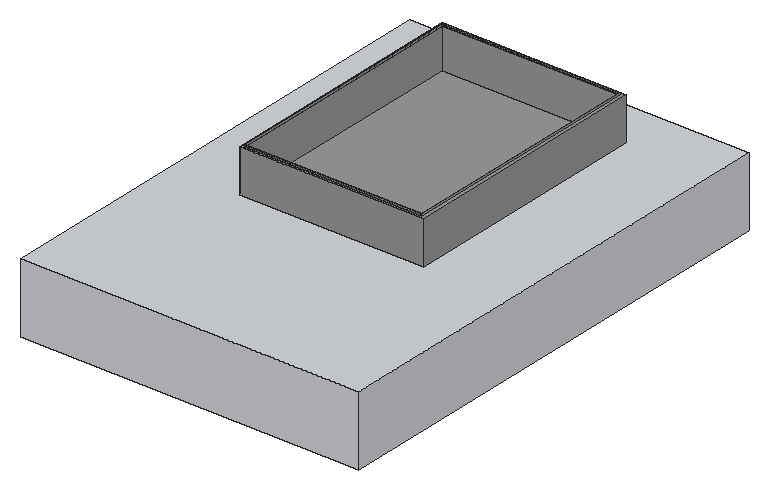
Revit family "Hager-Univers-IP30-D205-H1100-Cl.II-Encl-CH-de", category Equipement électrique, Revit 2020
Family settings
  Hôte = Face
  Configuration du panneau = Deux colonnes, circuits au sein
  Cote de connecteur circulaire = Utiliser le diamètre
  Type d'élément = Tableau de raccordement
  Couper avec des vides une fois chargée = Non
  Partagée = Non
  Point de calcul de pièce = Non
Parameters (values of type "Aufputz IP30 B800 H1100 T205  - FP73Q1S")
  Width Control [instance] = if([EF000008 - Breite] > Min Width, [EF000008 - Breite], Min Width)  # 800 mm
  Commentaires du type = [HG000003 - Bereich]  # "Univers"
  Thickness Door [instance] = if([EF009171 - Materialstärke Tür/Deckel] > 3 mm, 3 mm, [EF009171 - Materialstärke Tür/Deckel])  # 1 mm
  Seal Frame Offset [instance] = 17 mm  # constant formula
  Plinth Visibility [instance] = [HG000027 - Sockelhöhe] > 0 mm  # no
  Model = ""
  Min Width [instance] = 100 mm  # constant formula
  Min Height [instance] = 100 mm  # constant formula
  Min Depth [instance] = (2 * [EF009170 - Materialstärke Gehäuse]) + 1 mm  # 3 mm
  Internal Frame Depth [instance] = (Door System Depth * 0.5)  # 9 mm
  Height Control [instance] = if([EF000040 - Höhe] > Min Height, [EF000040 - Höhe], Min Height)  # 1100 mm
  HG000027 - Sockelhöhe = 0 mm
  HG000026 - Stehend auf dem Boden = no
  HG000024 - Höhe des unteren Teils = 800 mm
  HG000023 - Gehäuse mit doppeltem Querschnitt = no
  HG000016 - 3D-Türsichtbarkeit [instance] = yes
  HG000015 - Sichtbarkeit der Türöffnung [instance] = no
  HG000014 - Tür rechts [instance] = yes
  HG000013 - Tür links [instance] = not([HG000014 - Tür rechts])  # no
  HG000012 - Türschwenkwinkel [instance] = 30.00°
  HG000010 - Asymmetrische Türen = no
  HG000009 - Doppelflügeligen Tür = no
  HG000006 - Unterputz = no
  HG000004 - Herstellerreferenz = "FP73Q1S"
  HG000003 - Bereich = "Univers"
  HG000002 - Mit tür = no
  Frame Offset Bottom [instance] = 10 mm  # constant formula
  Frame Offset [instance] = 15 mm  # constant formula
  EF015940 - Deckel mit Überdruckentlastung = no
  EF011959 - Schutzart (NEMA) = ""
  EF009554 - Anzahl der Öffnungen für Flanschplatten = 6
  Fabricant = "Hager"  # constant formula
  EF009212 - Ausführung Deckel = "EV009916 - mit Ausschnitt"
  EF009171 - Materialstärke Tür/Deckel = 1 mm
  EF009170 - Materialstärke Gehäuse = 1 mm
  EF008873 - Nennstrom (In) = 250 A
  EF007800 - Geeignet für Blitzschutz = no
  EF006306 - Mit Schloss = no
  EF006244 - Transparenter Deckel/Tür = no
  EF005474 - Schutzart (IP) = "EV006410 - IP30"
  EF004464 - Art der Tür = "EV000494 - ohne"
  EF004427 - Anzahl der Module = 252
  EF004293 - Schlagfestigkeit = "EV006813 - IK07"
  EF003532 - Geeignet für Außengebrauch = no
  EF002950 - Breite in Teilungseinheiten = 36
  EF001613 - Funktionserhalt = "EV000494 - ohne"
  EF001596 - Werkstoff des Gehäuses = "EV000179 - Stahl"
  EF001131 - Innentiefe = 130 mm
  EF001088 - Anbaumöglichkeit = yes
  EF000437 - Anzahl der Leitungseinführungen = 6
  EF000339 - Art der Abdeckung = "EV000494 - ohne"
  EF000266 - Anzahl der Reihen = 7
  EF000218 - Einbautiefe = 0 mm
  EF000118 - Mit Montageplatte = no
  EF000116 - RAL-Nummer = "9010"
  EF000049 - Tiefe = 205 mm
  EF000040 - Höhe = 1100 mm
  EF000008 - Breite = 800 mm
  EF000007 - Farbe = "EV000202 - weiß"
  EF000003 - Montageart = "EV000384 - Aufputz"
  Door System Leaf Tolerance [instance] = 1.5 mm  # constant formula
  Door System Depth [instance] = 18 mm  # constant formula
  Door Height [instance] = Height Control - [HG000027 - Sockelhöhe]  # 1100 mm
  Depth Control [instance] = if([EF000049 - Tiefe] > Min Depth, [EF000049 - Tiefe], Min Depth)  # 205 mm
  Default Elevation = 0 mm
  Connector Offset [instance] = Height Control / 2  # 550 mm
  Bottom Top Plate Trim [instance] = 1.5 mm  # constant formula
  Plinth height Ctrl [instance] = if([HG000027 - Sockelhöhe] > 0 mm, [HG000027 - Sockelhöhe], 12 mm)  # 12 mm
Types (5, lengths in mm): name | Width Control | HG000004 - Herstellerreferenz | EF009554 - Anzahl der Öffnungen für Flanschplatten | EF004427 - Anzahl der Module | EF002950 - Breite in Teilungseinheiten | EF000437 - Anzahl der Leitungseinführungen | EF000008 - Breite
  Aufputz IP30 B1050 H1100 T205  - FP74Q1S | 1050 | "FP74Q1S" | 8 | 336 | 48 | 8 | 1050
  Aufputz IP30 B1300 H1100 T205  - FP75Q1S | 1300 | "FP75Q1S" | 10 | 420 | 60 | 10 | 1300
  Aufputz IP30 B300 H1100 T205  - FP71Q1S | 300 | "FP71Q1S" | 2 | 84 | 12 | 2 | 300
  Aufputz IP30 B550 H1100 T205  - FP72Q1S | 550 | "FP72Q1S" | 4 | 168 | 24 | 4 | 550
  Aufputz IP30 B800 H1100 T205  - FP73Q1S | 800 | "FP73Q1S" | 6 | 252 | 36 | 6 | 800
Reference planes
  plane 1 "Center (Front/Back)": y = 0
  plane 2: z = 0
  plane 3 "Center (Left/Right)": x = 0
  plane 4: z = 205
  plane 5: y = 1
  plane 6: y = 550
  plane 7: y = 0
  plane 8: y = 1100
  plane 9: z = 0
  plane 10: x = -385
  plane 11: x = 385
  plane 12: x = 384
  plane 13: x = -384
  plane 14: y = 1099
  plane 15: x = -383
  plane 16: x = -400
  plane 17: x = 383
  plane 18: x = 400
  plane 19: x = 399
  plane 20: x = -399
  plane 21: y = 11
  plane 22: y = 1100
  plane 23: y = 1084
  plane 24: z = 187
  plane 25: z = 1
  plane 26: z = 186
  plane 27: z = 204
Forms (mm)
  Extrusion 1, solid
    sketch origin (0, 0, 0) x (1, 0, 0) y (0, 1, 0)
      loop
        line (-702.964, 1305) -> (-702.964, -811.445) -> (766.763, -811.445) -> (766.763, 1305) -> (-702.964, 1305)
    from 0 to -304.8
  Extrusion 2, solid, material "Hager_Steel_RAL7035_Light_Grey", visible <- "Plinth Visibility", detail levels medium+fine
    sketch origin (0, 0, 0) x (1, 0, 0) y (0, 1, 0)
      loop
        line (-400, 0) -> (400, 0) -> (400, 12) -> (-400, 12) -> (-400, 0)
    from 0 to 187
  Extrusion 3, solid, material "Hager_Steel_RAL7035_Light_Grey", detail levels medium+fine
    sketch origin (0, 0, 0) x (1, 0, 0) y (0, 1, 0)
      loop
        line (-400, 0) -> (400, 0) -> (400, 1100) -> (-400, 1100) -> (-400, 0)
    from 0 to 187
  Extrusion 4, void
    sketch origin (0, 0, 0) x (1, 0, 0) y (0, 1, 0)
      loop
        line (-399, 1) -> (399, 1) -> (399, 1099) -> (-399, 1099) -> (-399, 1)
    from 1 to 186
  Extrusion 5, void
    sketch origin (-381.607, -4572, 187) x (0, -1, 0) y (-1, 0, 0)
      loop
        line (-4583, 2.393) -> (-5656, 2.393) -> (-5656, -765.607) -> (-4583, -765.607) -> (-4583, 2.393)
    from 0 to 1 <- "EF009170 - Materialstärke Gehäuse"
  Extrusion 6, solid, material "Hager_Steel_RAL7035_Light_Grey", detail levels fine
    sketch origin (0, 0, 187) x (1, 0, 0) y (0, 1, 0)
      loop
        line (-384, 1084) -> (-384, 11) -> (384, 11) -> (384, 1084) -> (-384, 1084)
      loop
        line (-385, 10) -> (385, 10) -> (385, 1085) -> (-385, 1085) -> (-385, 10)
    from 0 to 9 <- "Internal Frame Depth"
  Extrusion 7, solid, material "Hager_Steel_RAL7035_Light_Grey", detail levels coarse
    sketch origin (0, 0, 0) x (1, 0, 0) y (0, 1, 0)
      loop
        line (-400, 0) -> (400, 0) -> (400, 1100) -> (-400, 1100) -> (-400, 0)
    from 0 to 205
  Sweep 8, void
    path in 3D
      loop
        line (-400, 12, 0) -> (400, 12, 0) -> (400, 12, 187) -> (-400, 12, 187) -> (-400, 12, 0)
    profile origin (-400, 12, 93.5) x (-1, 0, 0) y (0, -1, 0)
      loop
        line (0, 0) -> (0, 1.5) -> (-1.5, 1.5)
        arc (-1.5, 1.5) -> (-1.061, 0.439) -> (0, 0) r 1.5
Cuts and joins
  Extrusion 4, Extrusion 5 cuts Extrusion 3
  Sweep 8 cuts Extrusion 2
Lines and regions (mm)
  Masking region 1
    outline origin (0, 0, 0) x (1, 0, 0) y (0, 0, 1)
      loop
        line (-400, 205) -> (-400, 0) -> (400, 0) -> (400, 205) -> (-400, 205)
  Masking region 2, detail levels medium+fine
    outline origin (0, 140, 0) x (0, 1, 0) y (0, 0, 1)
      loop
        line (-140, 0) -> (960, 0) -> (960, 187) -> (-140, 187) -> (-140, 0)
  Masking region 3, not visible, detail levels medium+fine
    outline origin (0, 297.922, 0) x (0, 1, 0) y (0, 0, 1)
      loop
        line (263.578, 0) -> (303.578, 0) -> (303.578, 194)
        arc (303.578, 194) -> (300.649, 201.071) -> (293.578, 204) r 10
        line (293.578, 204) -> (263.578, 204) -> (263.578, 0)
  Masking region 4, detail levels coarse
    outline origin (0, 0, 180) x (0, 1, 0) y (0, 0, 1)
      loop
        line (0, -180) -> (1100, -180) -> (1100, 25) -> (0, 25) -> (0, -180)
  Masking region 5, visible <- "Plinth Visibility", detail levels medium+fine
    outline origin (0, 52.24, 12.345) x (0, 0, -1) y (0, 1, 0)
      loop
        line (10.845, -40.24) -> (-173.155, -40.24)
        arc (-173.155, -40.24) -> (-173.594, -41.301) -> (-174.655, -41.74) r 1.5
        line (-174.655, -41.74) -> (-174.655, -52.24) -> (12.345, -52.24) -> (12.345, -41.74)
        arc (12.345, -41.74) -> (11.285, -41.301) -> (10.845, -40.24) r 1.5
  Masking region 6, detail levels medium+fine
    outline origin (-381.607, -4572, 187) x (-1, 0, 0) y (0, -1, 0)
      loop
        line (18.393, -5672) -> (18.393, -4572) -> (-781.607, -4572) -> (-781.607, -5672) -> (18.393, -5672)
  Masking region 7, visible <- "Plinth Visibility", detail levels medium+fine
    outline origin (-381.607, -4727, 187) x (-1, 0, 0) y (0, -1, 0)
      loop
        arc (16.893, -4739) -> (17.332, -4737.939) -> (18.393, -4737.5) r 1.5
        line (18.393, -4737.5) -> (18.393, -4727) -> (-781.607, -4727) -> (-781.607, -4737.5)
        arc (-781.607, -4737.5) -> (-780.546, -4737.939) -> (-780.107, -4739) r 1.5
        line (-780.107, -4739) -> (16.893, -4739)
  Masking region 8, detail levels coarse
    outline origin (-442.548, -4669.526, 187) x (-1, 0, 0) y (0, -1, 0)
      loop
        line (-42.548, -5769.526) -> (-42.548, -4669.526) -> (-842.548, -4669.526) -> (-842.548, -5769.526) -> (-42.548, -5769.526)
  sketch lines
    curve 1: line (-400, 12, 187) -> (-400, 12, 0)
    curve 2: line (400, 12, 187) -> (-400, 12, 187)
    curve 3: line (400, 12, 187) -> (400, 12, 0)
    curve 4: line (-400, 12, 0) -> (400, 12, 0)
Dimensions and locks
  "Depth Control": plane 4 to Extrusion 1
  "HG000027 - Sockelhöhe": plane 1 "Center (Front/Back)" to plane 7
  "EF009170 - Materialstärke Gehäuse": plane 5 to plane 7
  locked: connector elem to plane 3 "Center (Left/Right)"
  equal spacing: plane 8, plane 6, plane 7
  locked: connector elem to plane 6
  "EF009170 - Materialstärke Gehäuse": plane 8 to plane 14
  "EF009170 - Materialstärke Gehäuse": plane 10 to plane 13
  "EF009170 - Materialstärke Gehäuse": plane 12 to plane 11
  "Frame Offset": plane 20 to plane 13
  "Frame Offset": plane 12 to plane 19
  "EF009170 - Materialstärke Gehäuse": plane 16 to plane 20
  "EF009170 - Materialstärke Gehäuse": plane 19 to plane 18
  "Seal Frame Offset": plane 16 to plane 15
  "Seal Frame Offset": plane 17 to plane 18
  "Frame Offset Bottom": plane 21 to plane 5
  "Frame Offset": plane 14 to plane 23
  equal spacing: plane 16, plane 3 "Center (Left/Right)", plane 18
  "Width Control": plane 16 to plane 18
  "EF009170 - Materialstärke Gehäuse": plane 4 to plane 27
  "EF009170 - Materialstärke Gehäuse": plane 24 to plane 26
  "EF009170 - Materialstärke Gehäuse": plane 25 to level
  "Door System Depth": plane 4 to plane 24
  "Height Control": plane 1 "Center (Front/Back)" to Extrusion 7 sketch curve
  "Height Control": Masking region 4 sketch curve to plane 1 "Center (Front/Back)"
  "Height Control": plane 1 "Center (Front/Back)" to plane 22
  "Bottom Top Plate Trim": profile plane to Sweep 8 sketch curve
  "Bottom Top Plate Trim": Sweep 8 sketch curve to profile plane
  "Plinth height Ctrl": plane 1 "Center (Front/Back)" to Extrusion 2 sketch curve
  "Plinth height Ctrl": Masking region 5 sketch curve to plane 1 "Center (Front/Back)"
  "Plinth height Ctrl": plane 1 "Center (Front/Back)" to Masking region 7 sketch curve
  "Thickness Door": Extrusion 6 sketch curve to Extrusion 6 sketch curve  (x3)
  "Thickness Door": cut or joined group of Extrusion 3, Extrusion 4, Extrusion 5 to Extrusion 6 sketch curve
  radius of Masking region 3 sketch curve = 10 mm
  "Bottom Top Plate Trim": radius of Masking region 5 sketch curve  (x2)
  "Bottom Top Plate Trim": radius of Sweep 8 sketch curve
  "Bottom Top Plate Trim": radius of Masking region 7 sketch curve  (x2)
  aligned and locked: plane 2 to Extrusion 1
  aligned and locked: level to Extrusion 1
  aligned and locked: level to Masking region 1 sketch curve
  aligned and locked: Masking region 1 sketch curve to plane 18
  aligned and locked: Masking region 1 sketch curve to plane 16
  aligned and locked: plane 7 to Masking region 2 sketch curve
  aligned and locked: level to Masking region 3 sketch curve
  aligned and locked: Masking region 3 sketch curve to plane 27
  aligned and locked: level to Masking region 2 sketch curve
  aligned and locked: plane 1 "Center (Front/Back)" to Extrusion 2 sketch curve
  aligned and locked: Extrusion 3 sketch curve to plane 7
  aligned and locked: plane 16 to Extrusion 3 sketch curve
  aligned and locked: plane 18 to Extrusion 3 sketch curve
  aligned and locked: plane 20 to Extrusion 4 sketch curve
  aligned and locked: plane 19 to Extrusion 4 sketch curve
  aligned and locked: Extrusion 4 sketch curve to plane 5
  aligned and locked: Extrusion 4 to plane 25
  aligned and locked: plane 26 to Extrusion 4
  aligned and locked: plane 24 to Extrusion 3
  aligned and locked: Extrusion 5 sketch curve to plane 21
  aligned and locked: Extrusion 5 sketch curve to plane 13
  aligned and locked: Extrusion 5 sketch curve to plane 12
  aligned and locked: plane 18 to Extrusion 7 sketch curve
  aligned and locked: plane 1 "Center (Front/Back)" to Extrusion 7 sketch curve
  aligned and locked: plane 16 to Extrusion 7 sketch curve
  aligned and locked: plane 4 to Extrusion 7
  aligned and locked: Extrusion 7 to level
  aligned and locked: level to Masking region 4 sketch curve
  aligned and locked: Masking region 4 sketch curve to plane 1 "Center (Front/Back)"
  aligned and locked: Masking region 4 sketch curve to plane 4
  aligned and locked: nested 1 to level
  aligned and locked: nested 1 to plane 16
  aligned and locked: plane 8 to Extrusion 3 sketch curve
  aligned and locked: plane 23 to Extrusion 5 sketch curve
  aligned and locked: plane 14 to Extrusion 4 sketch curve
  aligned and locked: Masking region 2 sketch curve to plane 8
  aligned and locked: level to Masking region 5 sketch curve
  aligned and locked: plane 16 to Extrusion 2 sketch curve
  aligned and locked: plane 18 to Extrusion 2 sketch curve
  aligned and locked: Masking region 5 sketch curve to plane 24
  aligned and locked: Masking region 2 sketch curve to plane 24
  aligned and locked: plane 24 to Extrusion 2
  aligned and locked: profile plane to Sweep 8 sketch curve  (x2)
  aligned and locked: Masking region 6 sketch curve to plane 18
  aligned and locked: Masking region 6 sketch curve to plane 22
  aligned and locked: Masking region 6 sketch curve to plane 16
  aligned and locked: plane 8 to plane 22
  aligned and locked: Masking region 6 sketch curve to plane 7
  aligned and locked: Masking region 7 sketch curve to plane 16
  aligned and locked: Masking region 7 sketch curve to plane 1 "Center (Front/Back)"
  aligned and locked: Masking region 7 sketch curve to plane 18
  aligned and locked: Masking region 8 sketch curve to plane 1 "Center (Front/Back)"
  aligned and locked: Masking region 8 sketch curve to plane 18
  aligned and locked: Masking region 8 sketch curve to plane 22
  aligned and locked: Masking region 8 sketch curve to plane 16
  aligned and locked: nested 2 to plane 7
  aligned and locked: plane 3 "Center (Left/Right)" to nested 2
  aligned and locked: nested 2 to plane 24
  aligned and locked: Extrusion 6 sketch curve to cut or joined group of Extrusion 3, Extrusion 4, Extrusion 5  (x4)
Automatic sketch dimensions
  Extrusion 1 sketch curve to Extrusion 1 sketch curve = 1469.727 mm
  Extrusion 1 sketch curve to Extrusion 1 sketch curve = 2116.445 mm
  Masking region 1 sketch curve to plane 4 = 0 mm
  plane 6 to Masking region 3 sketch curve = 11.5 mm
  Masking region 3 sketch curve to Masking region 3 sketch curve = 30 mm
  Masking region 5 sketch curve to plane 1 "Center (Front/Back)" = 0 mm
Nested families
  nested 1: "Hager_Enclosure_Symbol" at (-400, 0, 0) x (1, 0, 0) z (0, -1, 0), Height <- "Depth Control", Width <- "Width Control", type "Hager_Enclosure_Symbol"
    with Width_Ctrl 800 mm, Width 800 mm, Height_Ctrl 205 mm, Height 205 mm, A_Width_Int 13.453 mm, A_Width 161.438 mm, A_Height_Ctrl 179.375 mm, A_Height 179.375 mm
  nested 2: "EC000058_Univers_Door" at (0, 0, 187) x (1, 0, 0) z (0, 1, 0), Leaf_Tolerance <- "Door System Leaf Tolerance", Angle <- "HG000012 - Türschwenkwinkel", Door_Depth <- "Door System Depth", Door_Left <- "HG000013 - Tür links", Transparent <- "EF006244 - Transparenter Deckel/Tür", Assymetrical <- "HG000010 - Asymmetrische Türen", Width <- "Width Control", Clearance <- "HG000015 - Sichtbarkeit der Türöffnung", Double <- "HG000009 - Doppelflügeligen Tür", 3d_Door <- "HG000016 - 3D-Türsichtbarkeit", Lock_Visibility <- "EF006306 - Mit Schloss", Width_Ctrl <- "Width Control", Door_Right <- "HG000014 - Tür rechts", Door <- "HG000002 - Mit tür", Height <- "Door Height", Thickness <- "Thickness Door", type "EC000058_Univers_Door", detail levels medium+fine
    with min_wh 3 mm, Width_Ctrl 800 mm, Width 800 mm, Transparent no, Thickness 1 mm, Seal_Material Hager_Rubber, Lock_Visibility no, Lock_Material Hager_Plastic_RAL9005_Jet_Black, Leaf_Width 800 mm, Leaf_Tolerance_External_Sides 0 mm, Leaf_Tolerance 1.5 mm, Leaf_Offset 0 mm, Leaf_Height 1097 mm, Leaf_2_Width 800 mm, Leaf_2_Offset 400 mm, Leaf_1_Width 800 mm, Leaf_1_Offset 400 mm, Height_Ctrl 1100 mm, Height 1100 mm, Glass_Material Hager_Glass, Double_Clearance_Ctrl no, Double no, Door_Right_Ctrl no, Door_Right yes, Door_Material Hager_Steel_RAL7035_Light_Grey, Door_Left_Ctrl no, Door_Left no, Door_Depth 18 mm, Door no, Clearance_Material Hager_Clearance, Clearance_Depth 800 mm, Clearance_Ctrl no, Clearance no, Assymetrical no, Angle 30.00°, 3d_Door yes
Connectors
  electrical at (0, 550, 0)
    settings: on plane 9, index 1, voltage 0 V, apparent load 0 VA, apparent load phase1 0 VA, apparent load phase2 0 VA, apparent load phase3 0 VA, power factor 1, load classification "Other", number of poles 1, system type 30, power factor state 1, is connector primary yes, connector utility no, sub classification motor no, connector description ""
Definition of nested family "Hager_Enclosure_Symbol"
  Parameters (values of type "Hager_Enclosure_Symbol")
    Width_Ctrl [instance] = if(Width > 1 mm, Width, 1 mm)  # 102.27 mm
    Width [instance] = 102.27 mm
    Height_Ctrl [instance] = if(Height > 1 mm, Height, 1 mm)  # 66.5 mm
    A_Width_Int [instance] = if(A_Width / 12 > 2 mm, A_Width / 12, 2 mm)  # 4.364 mm
    A_Width [instance] = if(A_Height_Ctrl * 0.9 > 2 mm, A_Height_Ctrl * 0.9, 2 mm)  # 52.369 mm
    A_Height_Ctrl [instance] = if(A_Height > 2 mm, A_Height, 2 mm)  # 58.188 mm
    Height [instance] = 66.5 mm
    A_Height [instance] = Height - (Height / 8)  # 58.188 mm
  Reference planes
    plane 1 "Centre (avant/arrière)": y = 0
    plane 2: z = 0
    plane 3 "Centre (gauche/droite)": x = 0
    plane 4: x = 52.369
    plane 5: y = 33.042
    plane 6: y = 41.77
    plane 7: y = 66.5
    plane 8: x = 26.184
    plane 9: y = 37.406
    plane 10: x = 102.27
    plane 11: y = 66.5
    plane 12: y = 8.313
  Lines and regions (mm)
    Filled region 1, type "Solid_Black", in view "Niveau de réf."
      outline origin (0, 0, 0) x (1, 0, 0) y (0, 1, 0)
        loop
          line (52.369, 66.5) -> (33.188, 54.536) -> (45.365, 45.006) -> (52.369, 66.5)
    Filled region 2, type "Solid_Black", in view "Niveau de réf."
      outline origin (0, 0, 0) x (1, 0, 0) y (0, 1, 0)
        loop
          line (0, 0) -> (102.27, 0) -> (102.27, 66.5) -> (0, 0)
    detail lines, in view "Niveau de réf."
      curve 1: line (0, 8.313, 0) -> (26.184, 41.77, 0)
      curve 2: line (26.184, 41.77, 0) -> (26.184, 33.042, 0)
      curve 3: line (26.184, 33.042, 0) -> (52.369, 66.5, 0)
  Dimensions and locks
    "A_Width": plane 3 "Centre (gauche/droite)" to plane 4
    equal spacing: plane 3 "Centre (gauche/droite)", plane 8, plane 4
    equal spacing: plane 6, plane 9, plane 5
    equal spacing: curve 3, Filled region 1 sketch curve, Filled region 1 sketch curve
    "Height_Ctrl": plane 1 "Centre (avant/arrière)" to plane 11
    "A_Height_Ctrl": plane 11 to plane 12
    equal spacing: plane 11, plane 9, plane 12
    "A_Width_Int": plane 6 to plane 9
    "Width_Ctrl": plane 3 "Centre (gauche/droite)" to plane 10
    angle Filled region 1 sketch curve to curve 3 = 20.00°
    angle curve 3 to Filled region 1 sketch curve = 20.00°
    locked: curve 3 to Filled region 1 sketch curve (angle 90.00°)
    aligned and locked: plane 10 to Filled region 2
    aligned and locked: plane 11 to Filled region 2 sketch curve
    aligned and locked: plane 10 to Filled region 2 sketch curve
    aligned and locked: plane 3 "Centre (gauche/droite)" to curve 1
    aligned and locked: plane 12 to curve 1
    aligned and locked: plane 7 to plane 11
  Automatic sketch dimensions
    Filled region 1 sketch curve to plane 4 = 0 mm
    Filled region 1 sketch curve to plane 7 = 0 mm
    plane 1 "Centre (avant/arrière)" to Filled region 2 sketch curve = 0 mm
    Filled region 2 sketch curve to plane 3 "Centre (gauche/droite)" = 0 mm
    curve 2 to plane 6 = 0 mm
    curve 2 to plane 8 = 0 mm
    curve 3 to plane 4 = 0 mm
    curve 2 to plane 5 = 0 mm
    curve 3 to plane 7 = 0 mm
Definition of nested family "EC000058_Univers_Door"
  Parameters (values of type "EC000058_Univers_Door")
    min_wh [instance] = (2 * Thickness) + 1 mm  # 11 mm
    Width_Ctrl [instance] = 400 mm
    Width [instance] = 500 mm
    Transparent [instance] = yes
    Thickness [instance] = 5 mm
    Seal_Material [instance] = none
    Lock_Visibility [instance] = yes
    Lock_Material [instance] = none
    Leaf_Width [instance] = if((Width_Ctrl - 2 * Leaf_Tolerance_External_Sides) > 0 mm, (Width_Ctrl - 2 * Leaf_Tolerance_External_Sides), min_wh)  # 400 mm
    Leaf_Tolerance_External_Sides [instance] = 0 mm  # constant formula
    Leaf_Tolerance [instance] = 1.5 mm
    Leaf_Offset [instance] = 0 mm  # constant formula
    Leaf_Height [instance] = if((Height_Ctrl - 2 * Leaf_Tolerance) > 0 mm, (Height_Ctrl - 2 * Leaf_Tolerance), min_wh)  # 497 mm
    Leaf_2_Width [instance] = if(and(and(Double, Assymetrical), Door_Left), (Leaf_Width / 3) - (Leaf_Tolerance / 2), if(and(and(Double, Assymetrical), Door_Right), (Leaf_Width / 3) * 2 - (Leaf_Tolerance / 2), if(and(Double, not(Assymetrical)), (Leaf_Width / 2) - Leaf_Tolerance, Leaf_Width)))  # 400 mm
    Leaf_2_Offset [instance] = if(and(Double, Assymetrical), Leaf_2_Width / 2, if(and(Double, not(Assymetrical)), Leaf_Width / 4, Leaf_Width / 2))  # 200 mm
    Leaf_1_Width [instance] = if(and(and(Double, Assymetrical), Door_Right), (Leaf_Width / 3) - (Leaf_Tolerance / 2), if(and(and(Double, Assymetrical), Door_Left), (Width / 3) * 2 - (Leaf_Tolerance / 2), if(and(Double, not(Assymetrical)), (Leaf_Width / 2) - Leaf_Tolerance, Leaf_Width)))  # 400 mm
    Leaf_1_Offset [instance] = if(and(Double, Assymetrical), Leaf_1_Width / 2, if(and(Double, not(Assymetrical)), Leaf_Width / 4, Leaf_Width / 2))  # 200 mm
    Height_Ctrl [instance] = if(Height > min_wh, Height, min_wh)  # 500 mm
    Height [instance] = 500 mm
    Glass_Material [instance] = none
    Double_Clearance_Ctrl [instance] = and(Double, Clearance)  # no
    Double [instance] = no
    Door_Right_Ctrl [instance] = and(or(Door_Right, Double), Door)  # yes
    Door_Right [instance] = yes
    Door_Material [instance] = none
    Door_Left_Ctrl [instance] = and(or(Door_Left, Double), Door)  # no
    Door_Left [instance] = no
    Door_Depth [instance] = 30 mm
    Door [instance] = yes
    Default Elevation = 1219.2 mm
    Clearance_Material [instance] = none
    Clearance_Depth [instance] = if(Leaf_1_Width > Leaf_2_Width, Leaf_1_Width, Leaf_2_Width)  # 400 mm
    Clearance_Ctrl [instance] = and(not(Double), Clearance)  # yes
    Clearance [instance] = yes
    Assymetrical [instance] = yes
    Angle [instance] = 30.00°
    3d_Door [instance] = yes
  Reference planes
    plane 1 "Center (Front/Back)": y = 0
    plane 2 "Bottom": z = 0
    plane 3 "Center (Left/Right)": x = 0
    plane 4: z = 500
    plane 5: x = -200
    plane 6: x = 200
    plane 7: z = 500
    plane 8: x = -200
    plane 9: z = 0
    plane 10: x = 200
    plane 11: y = 0
    plane 12: z = 1.5
    plane 13: x = -600
    plane 14: y = -400
    plane 15: x = 600
    plane 16: x = 0
    plane 17: x = 0
    plane 18: x = -200
    plane 19: x = 200
    plane 20: z = 498.5
  Forms (mm)
    Extrusion 1, solid, material <- "Clearance_Material", visible <- "Double_Clearance_Ctrl"
      sketch origin (1200, 0, 0) x (1, 0, 0) y (0, 0, -1)
        loop
          line (-1800, -498.5) -> (-600, -498.5) -> (-600, 0) -> (-1800, 0) -> (-1800, -498.5)
      from 0 to -400
  Dimensions and locks
    equal spacing: plane 5, plane 3 "Center (Left/Right)", plane 6
    "Width_Ctrl": plane 5 to plane 6
    "Leaf_Offset": plane 5 to plane 8
    "Leaf_Offset": plane 6 to plane 10
    "Leaf_Offset": plane 9 to level
    "Leaf_Offset": plane 4 to plane 7
    "Height_Ctrl": plane 4 to level
    "Leaf_Tolerance": plane 12 to plane 9
    locked: plane 11 to plane 1 "Center (Front/Back)"
    "Leaf_1_Offset": plane 18 to plane 16
    "Leaf_2_Offset": plane 17 to plane 19
    "Leaf_1_Width": plane 13 to plane 8
    "Leaf_2_Width": plane 10 to plane 15
    "Clearance_Depth": plane 14 to plane 1 "Center (Front/Back)"
    "Leaf_Tolerance_External_Sides": plane 8 to plane 18
    "Leaf_Tolerance_External_Sides": plane 19 to plane 10
    "Leaf_Tolerance": plane 7 to plane 20
    aligned and locked: level to plane 2 "Bottom"
    aligned and locked: nested 1 to plane 16
    aligned and locked: nested 2 to plane 17
    aligned and locked: Extrusion 1 to plane 13
    aligned and locked: plane 15 to Extrusion 1
    aligned and locked: Extrusion 1 to plane 14
    aligned and locked: plane 12 to nested 1
    aligned and locked: nested 2 to plane 12
    aligned and locked: Extrusion 1 to plane 11
    aligned and locked: plane 20 to Extrusion 1
    aligned and locked: nested 2 to plane 11
    aligned and locked: nested 1 to plane 11
  Automatic sketch dimensions
    Extrusion 1 sketch curve to level = 0 mm
    plane 5 to Extrusion 1 sketch curve = 400 mm
    plane 6 to Extrusion 1 sketch curve = 400 mm
    Extrusion 1 sketch curve to plane 4 = 1.5 mm
  Nested families
    nested 1: "EC000058_Univers_Door_Leaf" at (0, 0, 1.5), Width <- "Leaf_1_Width", visible <- "Door_Left_Ctrl", Leaf_Height <- "Leaf_Height", Angle <- "Angle", 3d_Door <- "3d_Door", Transparent <- "Transparent", Clearance Material <- "Clearance_Material", Clearance <- "Clearance_Ctrl", Door_Material <- "Door_Material", Glass_Material <- "Glass_Material", Door_Depth <- "Door_Depth", Lock_Material <- "Lock_Material", Seal_Material <- "Seal_Material", Lock_Visibility <- "Lock_Visibility", Thickness <- "Thickness", type "EC000058_Univers_Door_Leaf"
      with Width 400 mm, Transparent_Glass_Offset 30 mm, Transparent_Ctrl yes, Transparent yes, Thickness 5 mm, Standard no, Seal_Material none, Seal_D2 8 mm, Seal_D1 1 mm, Offset_Internal_Frame 10 mm, Lock_Width 20 mm, Lock_Visibility_3d yes, Lock_Visibility yes, Lock_Thickness_3 3 mm, Lock_Thickness_2 1 mm, Lock_Thickness_1 3 mm, Lock_Radius_Offset_2 16 mm, Lock_Radius_Offset_1 15 mm, Lock_Radius_2 5 mm, Lock_Radius 6 mm, Lock_Offset 5 mm, Lock_Material none, Lock_Height 80 mm, Lock_Cover_Top_Offset_2d 17 mm, Lock_Cover_Height -65 mm, Leaf_Height 497 mm, Internal_Seal_Thickness 8 mm, Internal_Seal_Depth_2 4.5 mm, Internal_Frame_Depth 25 mm, Glass_Thickness -1 mm, Glass_Offset -2 mm, Glass_Material none, Door_Material none, Door_Depth 30 mm, Clearance Material none, Clearance yes, Angle_Ctrl 30.00°, Angle 30.00°, 3d_Door yes
    nested 2: "EC000058_Univers_Door_Leaf" at (0, 0, 1.5) x (-1, 0, 0) z (0, 0, 1), Width <- "Leaf_2_Width", visible <- "Door_Right_Ctrl", Leaf_Height <- "Leaf_Height", Angle <- "Angle", 3d_Door <- "3d_Door", Transparent <- "Transparent", Clearance Material <- "Clearance_Material", Clearance <- "Clearance_Ctrl", Door_Material <- "Door_Material", Glass_Material <- "Glass_Material", Door_Depth <- "Door_Depth", Lock_Material <- "Lock_Material", Seal_Material <- "Seal_Material", Lock_Visibility <- "Lock_Visibility", Thickness <- "Thickness", type "EC000058_Univers_Door_Leaf"
      with Width 400 mm, Transparent_Glass_Offset 30 mm, Transparent_Ctrl yes, Transparent yes, Thickness 5 mm, Standard no, Seal_Material none, Seal_D2 8 mm, Seal_D1 1 mm, Offset_Internal_Frame 10 mm, Lock_Width 20 mm, Lock_Visibility_3d yes, Lock_Visibility yes, Lock_Thickness_3 3 mm, Lock_Thickness_2 1 mm, Lock_Thickness_1 3 mm, Lock_Radius_Offset_2 16 mm, Lock_Radius_Offset_1 15 mm, Lock_Radius_2 5 mm, Lock_Radius 6 mm, Lock_Offset 5 mm, Lock_Material none, Lock_Height 80 mm, Lock_Cover_Top_Offset_2d 17 mm, Lock_Cover_Height -65 mm, Leaf_Height 497 mm, Internal_Seal_Thickness 8 mm, Internal_Seal_Depth_2 4.5 mm, Internal_Frame_Depth 25 mm, Glass_Thickness -1 mm, Glass_Offset -2 mm, Glass_Material none, Door_Material none, Door_Depth 30 mm, Clearance Material none, Clearance yes, Angle_Ctrl 30.00°, Angle 30.00°, 3d_Door yes
  Definition of nested family "EC000058_Univers_Door_Leaf"
    Parameters (values of type "EC000058_Univers_Door_Leaf")
      Width [instance] = 2000 mm
      Transparent_Glass_Offset [instance] = 30 mm
      Transparent_Ctrl [instance] = and(Transparent, [3d_Door])  # yes
      Transparent [instance] = yes
      Thickness [instance] = 5 mm
      Standard [instance] = and(not(Transparent), [3d_Door])  # no
      Seal_Material [instance] = none
      Seal_D2 [instance] = 8 mm  # constant formula
      Seal_D1 [instance] = 1 mm  # constant formula
      Offset_Internal_Frame [instance] = 10 mm  # constant formula
      Lock_Width [instance] = 20 mm  # constant formula
      Lock_Visibility_3d [instance] = and(Lock_Visibility, [3d_Door])  # yes
      Lock_Visibility [instance] = yes
      Lock_Thickness_3 [instance] = 3 mm  # constant formula
      Lock_Thickness_2 [instance] = 1 mm  # constant formula
      Lock_Thickness_1 [instance] = 3 mm  # constant formula
      Lock_Radius_Offset_2 [instance] = Lock_Radius_Offset_1 + 1 mm  # 16 mm
      Lock_Radius_Offset_1 [instance] = 15 mm  # constant formula
      Lock_Radius_2 [instance] = Lock_Radius - 1 mm  # 5 mm
      Lock_Radius [instance] = 6 mm  # constant formula
      Lock_Offset [instance] = 5 mm  # constant formula
      Lock_Material [instance] = none
      Lock_Height [instance] = 80 mm  # constant formula
      Lock_Cover_Top_Offset_2d [instance] = Lock_Radius_Offset_2 + 1 mm  # 17 mm
      Lock_Cover_Height [instance] = -(Lock_Height - Lock_Radius_Offset_1)  # -65 mm
      Leaf_Height [instance] = 2720.336 mm
      Internal_Seal_Thickness [instance] = 8 mm  # constant formula
      Internal_Seal_Depth_2 [instance] = 4.5 mm  # constant formula
      Internal_Frame_Depth [instance] = if(Door_Depth - Thickness > 5 mm, Door_Depth - Thickness, 5 mm)  # 25 mm
      Glass_Thickness [instance] = if(Thickness > 15 mm, Glass_Offset + 10 mm, -1 mm)  # -1 mm
      Glass_Offset [instance] = if(Thickness > 15 mm, -(Thickness + 10 mm) / 2, -2 mm)  # -2 mm
      Glass_Material [instance] = none
      Door_Material [instance] = none
      Door_Depth [instance] = 30 mm
      Default Elevation = 0 mm
      Clearance Material [instance] = none
      Clearance [instance] = yes
      Angle_Ctrl [instance] = if(Angle > 180.00°, 180.00°, Angle)  # 90.00°
      Angle [instance] = 90.00°
      3d_Door [instance] = yes
    Reference planes
      plane 1 "Center (Front/Back)": y = 0
      plane 2: z = 0
      plane 3 "Center (Left/Right)": x = 0
      plane 4: y = 2000
      plane 5: x = -1000
      plane 6: x = 1000
      plane 7: x = -3000
      plane 8: z = 2720.336
      plane 9: z = 30
      plane 10: z = 2690.336
      plane 11: x = 970
      plane 12: x = -970
      plane 13: y = -3
      plane 14: z = 107.833
      plane 15: y = -5
      plane 16: y = -223.314
      plane 17: x = -1000
      plane 18: z = 1360.168
      plane 19: y = 30
    Forms (mm)
      Extrusion 1, solid, material <- "Clearance Material", visible <- "Clearance"
        sketch origin (0, 0, 0) x (1, 0, 0) y (0, 0, 1)
          loop
            line (-3000, 2720.336) -> (-3000, 0) -> (1000, 0) -> (1000, 2720.336) -> (-3000, 2720.336)
        from 0 to -2000
      Extrusion 2, solid, material <- "Door_Material", visible <- "Standard", detail levels medium+fine
        sketch origin (-1000, 0, 0) x (0, 1, 0) y (-1, 0, 0)
          loop
            line (0, 30) -> (0, 25) -> (2000, 25) -> (2000, 30) -> (0, 30)
        from 0 to 2720.336 <- "Leaf_Height"
      Extrusion 3, solid, material <- "Door_Material", visible <- "Transparent_Ctrl", detail levels medium+fine
        sketch origin (-1000, 0, 0) x (0, 1, 0) y (-1, 0, 0)
          loop
            line (0, 25) -> (2000, 25) -> (2000, 30) -> (0, 30) -> (0, 25)
        from 0 to 2720.336 <- "Leaf_Height"
      Extrusion 4, void
        sketch origin (-1025, 2000, 0) x (0, 1, 0) y (0, 0, -1)
          loop
            line (-30, -2690.336) -> (-30, -30) -> (-1970, -30) -> (-1970, -2690.336) -> (-30, -2690.336)
        from 0 to 5 <- "Thickness"
      Sweep 5, solid, material <- "Seal_Material", visible <- "Transparent_Ctrl", detail levels fine
        path in 3D
          loop
            line (-1025, 30, 30) -> (-1025, 30, 2690.336) -> (-1025, 1970, 2690.336) -> (-1025, 1970, 30) -> (-1025, 30, 30)
        profile origin (-1025, 1000, 30) x (1, 0, 0) y (0, 0, 1)
          loop
            line (0, 0) -> (0, -8) -> (1, -8) -> (1, 0) -> (0, 0)
      Extrusion 6, solid, material <- "Glass_Material", visible <- "Transparent_Ctrl", detail levels medium+fine
        sketch origin (-1030, 0, 0) x (0, 1, 0) y (0, 0, -1)
          loop
            line (1970, -2690.336) -> (1970, -30) -> (30, -30) -> (30, -2690.336) -> (1970, -2690.336)
        from -2 <- "Glass_Offset" to -1 <- "Glass_Thickness"
      Extrusion 7, solid, material <- "Door_Material", visible <- "3d_Door", detail levels medium+fine
        sketch origin (-1025, 2000, 0) x (0, -1, 0) y (0, 0, -1)
          loop
            line (0, -2720.336) -> (2000, -2720.336) -> (2000, 0) -> (0, 0) -> (0, -2720.336)
          loop
            line (1995, -5) -> (5, -5) -> (5, -2715.336) -> (1995, -2715.336) -> (1995, -5)
        from 0 to 25 <- "Internal_Frame_Depth"
      Sweep 8, solid, material <- "Seal_Material", visible <- "Transparent_Ctrl", detail levels fine
        path in 3D
          loop
            line (-1025, 0, 0) -> (-1025, 2000, 0) -> (-1025, 2000, 2720.336) -> (-1025, 0, 2720.336) -> (-1025, 0, 0)
        profile origin (-1025, 0, 1360.168) x (1, 0, 0) y (0, 1, 0)
          loop
            line (0, 10) -> (2.975, 10)
            arc (2.975, 10) -> (4.053, 10.447) -> (4.5, 11.525) r 1.525
            line (4.5, 11.525) -> (4.5, 16.527)
            arc (4.5, 16.527) -> (4.069, 17.569) -> (3.027, 18) r 1.473
            line (3.027, 18) -> (0, 18) -> (0, 10)
      Extrusion 9, solid, material <- "Lock_Material", visible <- "Lock_Visibility_3d", detail levels fine
        sketch origin (-1030, 0, 0) x (0, 1, 0) y (0, 0, -1)
          loop
            arc (1993.5, -1400.168) -> (1994.561, -1399.729) -> (1995, -1398.668) r 1.5
            line (1995, -1398.668) -> (1995, -1320.168) -> (1975, -1320.168) -> (1975, -1398.668)
            arc (1975, -1398.668) -> (1975.439, -1399.729) -> (1976.5, -1400.168) r 1.5
            line (1976.5, -1400.168) -> (1993.5, -1400.168)
        from 3 <- "Lock_Thickness_1" to 0
      Blend 10, solid, material <- "Lock_Material", visible <- "Lock_Visibility_3d", detail levels fine
        base sketch origin (-1033, 0, 0) x (0, 1, 0) y (0, 0, -1)
          loop
            line (1975, -1320.168) -> (1975, -1398.668)
            arc (1975, -1398.668) -> (1975.439, -1399.729) -> (1976.5, -1400.168) r 1.5
            line (1976.5, -1400.168) -> (1993.5, -1400.168)
            arc (1993.5, -1400.168) -> (1994.561, -1399.729) -> (1995, -1398.668) r 1.5
            line (1995, -1398.668) -> (1995, -1320.168) -> (1975, -1320.168)
        top sketch origin (-1033, 0, 0) x (0, 1, 0) y (0, 0, -1)
          loop
            line (1976, -1320.168) -> (1976, -1398.668)
            arc (1976, -1398.668) -> (1976.146, -1399.022) -> (1976.5, -1399.168) r 0.5
            line (1976.5, -1399.168) -> (1993.5, -1399.168)
            arc (1993.5, -1399.168) -> (1993.854, -1399.022) -> (1994, -1398.668) r 0.5
            line (1994, -1398.668) -> (1994, -1320.168) -> (1976, -1320.168)
        from 0 to 1 <- "Lock_Thickness_2"
      Blend 11, solid, material <- "Lock_Material", visible <- "Lock_Visibility_3d", detail levels fine
        base sketch origin (-1034, 0, 0) x (0, 1, 0) y (0, 0, -1)
          loop
            line (1978, -1320.168) -> (1978, -1384.168)
            arc (1978, -1384.168) -> (1985, -1391.168) -> (1992, -1384.168) r 7
            line (1992, -1384.168) -> (1992, -1320.168) -> (1978, -1320.168)
        top sketch origin (-1034, 0, 0) x (0, 1, 0) y (0, 0, -1)
          loop
            line (1991, -1320.168) -> (1979, -1320.168) -> (1979, -1383.168)
            arc (1979, -1383.168) -> (1985, -1389.168) -> (1991, -1383.168) r 6
            line (1991, -1383.168) -> (1991, -1320.168)
        from 0 to 3 <- "Lock_Thickness_3"
      Extrusion 12, solid, material <- "Lock_Material", visible <- "Lock_Visibility_3d", detail levels fine
        sketch origin (-1030, 1975, 1320.168) x (1, 0, 0) y (0, -1, 0)
          loop
            line (-7, -19) -> (-7, -1) -> (0, -1) -> (0, 0) -> (-8, 0) -> (-8, -20) -> (0, -20) -> (0, -19) -> (-7, -19)
        from 0 to -65 <- "Lock_Cover_Height"
      Extrusion 13, void
        sketch origin (-1038, 1995, 1320.168) x (-1, 0, 0) y (0, 0, -1)
          loop
            line (-5, -65) -> (0, -65) -> (-5, -60) -> (-5, -65)
        from 0 to 20 <- "Lock_Width"
      Extrusion 14, void
        sketch origin (-1038, 1975, 1320.168) x (0, -1, 0) y (0, 0, -1)
          loop
            circle (-10, -15.995) r 6
          loop
            circle (-10, -15.995) r 5
        from 0 to 2
      Extrusion 15, solid, material <- "Lock_Material", visible <- "Lock_Visibility_3d", detail levels medium
        sketch origin (-1030, 0, 0) x (0, 1, 0) y (0, 0, -1)
          loop
            arc (1993.5, -1400.168) -> (1994.561, -1399.729) -> (1995, -1398.668) r 1.5
            line (1995, -1398.668) -> (1995, -1320.168) -> (1975, -1320.168) -> (1975, -1398.668)
            arc (1975, -1398.668) -> (1975.439, -1399.729) -> (1976.5, -1400.168) r 1.5
            line (1976.5, -1400.168) -> (1993.5, -1400.168)
        from 8 to 0
    Cuts and joins
      Extrusion 4 cuts Extrusion 3
      Extrusion 13, Extrusion 14 cuts Extrusion 9
      Extrusion 14 cuts Blend 11
      Extrusion 13, Extrusion 14 cuts Extrusion 12
      joined: Extrusion 9, Blend 10, Blend 11, Extrusion 12
      Extrusion 14 cuts Extrusion 15
    Lines and regions (mm)
      Masking region 1, visible <- "Lock_Visibility", detail levels fine
        outline origin (0, 0, 0) x (0, 1, 0) y (0, 0, 1)
          loop
            line (30, 1320.168) -> (33, 1320.168) -> (33, 1400.168) -> (30, 1400.168) -> (30, 1320.168)
      Masking region 2, visible <- "Lock_Visibility", detail levels fine
        outline origin (0, 3.143, 0) x (0, 1, 0) y (0, 0, 1)
          loop
            line (29.857, 1354.168) -> (30.857, 1354.168) -> (30.857, 1366.168) -> (29.857, 1366.168) -> (29.857, 1354.168)
      Masking region 3, detail levels medium+fine
        outline origin (0, 0, 0) x (0, 1, 0) y (0, 0, 1)
          loop
            line (0, 0) -> (30, 0) -> (30, 2720.336) -> (0, 2720.336) -> (0, 0)
      Masking region 4, detail levels medium+fine
        outline origin (0, 0, 0) x (1, 0, 0) y (0, 0, 1)
          loop
            line (-1000, 2720.336) -> (-1000, 0) -> (1000, 0) -> (1000, 2720.336) -> (-1000, 2720.336)
      Masking region 5, visible <- "Lock_Visibility", detail levels fine
        outline origin (-47.116, 0, 0) x (1, 0, 0) y (0, 0, 1)
          loop
            arc (1024.616, 1399.168) -> (1023.556, 1398.729) -> (1023.116, 1397.668) r 1.5
            line (1023.116, 1397.668) -> (1023.116, 1320.168) -> (1041.116, 1320.168) -> (1041.116, 1397.668)
            arc (1041.116, 1397.668) -> (1040.677, 1398.729) -> (1039.616, 1399.168) r 1.5
            line (1039.616, 1399.168) -> (1024.616, 1399.168)
      Masking region 6, visible <- "Lock_Visibility", detail levels medium+fine
        outline origin (-25, 0, 0) x (1, 0, 0) y (0, 0, 1)
          loop
            arc (1001.5, 1400.168) -> (1000.439, 1399.729) -> (1000, 1398.668) r 1.5
            line (1000, 1398.668) -> (1000, 1320.168) -> (1020, 1320.168) -> (1020, 1398.668)
            arc (1020, 1398.668) -> (1019.561, 1399.729) -> (1018.5, 1400.168) r 1.5
            line (1018.5, 1400.168) -> (1001.5, 1400.168)
      Masking region 7, visible <- "Lock_Visibility", detail levels fine
        outline origin (-73.735, 0, 0) x (1, 0, 0) y (0, 0, 1)
          loop
            line (1051.735, 1382.168) -> (1065.735, 1382.168) -> (1065.735, 1384.168)
            arc (1065.735, 1384.168) -> (1058.735, 1391.168) -> (1051.735, 1384.168) r 7
            line (1051.735, 1384.168) -> (1051.735, 1382.168)
      Masking region 8, visible <- "Lock_Visibility", detail levels fine
        outline origin (-73.735, 0, 0) x (1, 0, 0) y (0, 0, 1)
          loop
            line (1052.735, 1382.168) -> (1064.735, 1382.168) -> (1064.735, 1383.168)
            arc (1064.735, 1383.168) -> (1058.735, 1389.168) -> (1052.735, 1383.168) r 6
            line (1052.735, 1383.168) -> (1052.735, 1382.168)
      Masking region 9, visible <- "Lock_Visibility", detail levels fine
        outline origin (-25, 0, 0) x (1, 0, 0) y (0, 0, 1)
          loop
            line (1020, 1320.168) -> (1020, 1382.168) -> (1000, 1382.168) -> (1000, 1320.168) -> (1020, 1320.168)
      Masking region 10, detail levels medium+fine
        outline origin (0, 0, 0) x (1, 0, 0) y (0, 0, 1)
          loop
            circle (985, 1335.144) r 6
      Masking region 11, detail levels fine
        outline origin (0, 0, 0) x (1, 0, 0) y (0, 0, 1)
          loop
            circle (985, 1335.144) r 5
      Masking region 12, visible <- "Lock_Visibility", detail levels fine
        outline origin (0, 12.767, 0) x (0, 1, 0) y (0, 0, 1)
          loop
            line (20.233, 1320.168) -> (21.233, 1320.168) -> (21.233, 1399.168) -> (20.233, 1400.168) -> (20.233, 1320.168)
      Masking region 13, visible <- "Lock_Visibility", detail levels fine
        outline origin (0, 13.767, -10) x (0, 1, 0) y (0, 0, 1)
          loop
            line (20.233, 1330.168) -> (23.233, 1330.168) -> (23.233, 1399.168) -> (20.233, 1402.168) -> (20.233, 1330.168)
      Masking region 14, visible <- "Lock_Visibility", detail levels fine
        outline origin (0, 12.767, -10) x (0, 1, 0) y (0, 0, 1)
          loop
            line (20.233, 1330.168) -> (25.233, 1330.168) -> (25.233, 1399.305) -> (20.233, 1394.305) -> (20.233, 1330.168)
      Masking region 15, visible <- "Lock_Visibility", detail levels medium
        outline origin (0, 0, 0) x (0, 1, 0) y (0, 0, 1)
          loop
            line (30, 1320.168) -> (38, 1320.168) -> (38, 1400.168) -> (30, 1400.168) -> (30, 1320.168)
      Masking region 16, visible <- "Lock_Visibility", detail levels fine
        outline origin (-1000, 0, 0) x (0, 1, 0) y (-1, 0, 0)
          loop
            line (1975, 30) -> (1995, 30) -> (1995, 38) -> (1975, 38) -> (1975, 30)
          loop
            line (1979, 37) -> (1976, 37) -> (1976, 34) -> (1978, 34) -> (1979, 37)
          loop
            line (1994, 37) -> (1991, 37) -> (1992, 34) -> (1994, 34) -> (1994, 37)
      Masking region 17, visible <- "Lock_Visibility", detail levels medium
        outline origin (-1000, 0, 0) x (0, 1, 0) y (-1, 0, 0)
          loop
            line (1975, 30) -> (1995, 30) -> (1995, 38) -> (1975, 38) -> (1975, 30)
      symbolic lines
        curve 1: line (1000, 0, 0) -> (-3000, 0, 0)
        curve 2: arc (1000, 0, 0) -> (-1000, 2000, 0) -> (-3000, 0, 0) r 2000
        curve 4: line (-1030, 0, 0) -> (-1030, 2000, 0)
      reference lines
        curve 3: line (-1000, 0, 0) -> (-1000, 2000, 0)
      symbolic lines, detail levels medium+fine
        curve 5: line (-1030, 2000, 0) -> (-1025, 2000, 0)
        curve 7: line (-1025, 0, 0) -> (-1030, 0, 0)
        curve 8: line (-1025, 0, 0) -> (-1000, 0, 0)
        curve 9: line (-1000, 0, 0) -> (-1000, 2000, 0)
        curve 10: line (-1000, 2000, 0) -> (-1025, 2000, 0)
      symbolic lines, detail levels fine
        curve 6: line (-1025, 2000, 0) -> (-1025, 0, 0)
      sketch lines
        curve 11: line (-1025, 0, 2720.336) -> (-1025, 0, 0)
        curve 12: line (-1025, 2000, 0) -> (-1025, 0, 0)
        curve 13: line (-1025, 2000, 2720.336) -> (-1025, 2000, 0)
        curve 14: line (-1025, 0, 2720.336) -> (-1025, 2000, 2720.336)
        curve 15: line (-1025, 1970, 30) -> (-1025, 30, 30)
        curve 16: line (-1025, 30, 30) -> (-1025, 30, 2690.336)
        curve 17: line (-1025, 1970, 2690.336) -> (-1025, 1970, 30)
        curve 18: line (-1025, 30, 2690.336) -> (-1025, 1970, 2690.336)
      symbolic lines, visible <- "Transparent", detail levels medium+fine
        curve 19: line (-970, 0, 2690.336) -> (970, 0, 2690.336)
        curve 20: line (-970, 0, 30) -> (-970, 0, 2690.336)
        curve 21: line (970, 0, 30) -> (-970, 0, 30)
        curve 22: line (970, 0, 2690.336) -> (970, 0, 30)
    Dimensions and locks
      "Width": plane 1 "Center (Front/Back)" to plane 4
      equal spacing: plane 5, plane 3 "Center (Left/Right)", plane 6
      "Width": plane 5 to plane 6
      "Width": plane 7 to plane 5
      "Leaf_Height": plane 8 to level
      "Width": curve 5 to curve 3
      "Width": curve 3 to curve 3
      plane 8 to plane 10 = 30 mm
      plane 9 to level = 30 mm
      plane 12 to plane 5 = 30 mm
      plane 6 to plane 11 = 30 mm
      Extrusion 1 to Extrusion 4 sketch curve = 30 mm
      "Transparent_Glass_Offset": curve 3 to Extrusion 4 sketch curve
      "Transparent_Glass_Offset": Extrusion 4 sketch curve to cut or joined group of Extrusion 3, Extrusion 4  (x2)
      cut or joined group of Extrusion 3, Extrusion 4 to Extrusion 6 sketch curve = 30 mm
      "Transparent_Glass_Offset": cut or joined group of Extrusion 3, Extrusion 4 to Extrusion 4 sketch curve
      "Thickness": curve 6 to curve 4
      "Thickness": Extrusion 7 sketch curve to Extrusion 7 sketch curve  (x4)
      "Door_Depth": curve 4 to curve 3
      "Offset_Internal_Frame": profile plane to Sweep 8 sketch curve
      "Internal_Seal_Thickness": Sweep 8 sketch curve to Sweep 8 sketch curve
      "Internal_Seal_Depth_2": profile plane to Sweep 8 sketch curve
      "Seal_D1": profile plane to Sweep 5 sketch curve
      "Seal_D2": profile plane to Sweep 5 sketch curve
      "Thickness": Extrusion 2 sketch curve to Extrusion 2 sketch curve
      equal spacing: Extrusion 9 sketch curve, plane 18, Extrusion 9 sketch curve  (x2)
      equal spacing: Masking region 1 sketch curve, plane 18, Masking region 1 sketch curve
      "Lock_Height": Masking region 1 sketch curve to Masking region 1 sketch curve
      "Lock_Radius": Masking region 2 sketch curve to plane 18 to Masking region 2 sketch curve
      Masking region 2 sketch curve to Masking region 1 = 1 mm
      "Door_Depth": plane 19 to plane 1 "Center (Front/Back)"
      "Lock_Thickness_1": Masking region 1 sketch curve to plane 19
      "Lock_Width": Extrusion 9 sketch curve to Extrusion 9 sketch curve
      "Lock_Height": Extrusion 9 sketch curve to Extrusion 9 sketch curve
      "Lock_Offset": cut or joined group of Extrusion 3, Extrusion 4 to Extrusion 9 sketch curve
      equal spacing: plane 8, plane 18, level
      "Lock_Radius_Offset_1": Blend 11 sketch curve to Blend 10
      locked: Blend 10 to Blend 11 sketch curve at 2  (x2)
      locked: var sketch to Blend 11 sketch curve at 1  (x2)
      "Lock_Radius_Offset_2": Blend 11 sketch curve to Blend 10
      locked: Extrusion 12 sketch curve to Extrusion 12 sketch curve at 1  (x3)
      Masking region 6 sketch curve to Masking region 6 sketch curve = 80 mm
      "Lock_Height": Masking region 6 sketch curve to Masking region 6 sketch curve
      "Lock_Width": Masking region 6 sketch curve to Masking region 6 sketch curve
      locked: Masking region 6 to Masking region 5 sketch curve at 1  (x3)
      locked: Masking region 5 to Masking region 7 sketch curve at 2  (x2)
      "Lock_Radius_Offset_1": Masking region 5 to Masking region 7 sketch curve
      "Lock_Radius_Offset_2": Masking region 5 to Masking region 8 sketch curve
      locked: Masking region 7 to Masking region 8 sketch curve at 1  (x2)
      "Lock_Cover_Top_Offset_2d": Masking region 5 to Masking region 9 sketch curve
      equal spacing: Masking region 9, Masking region 10 sketch curve, Masking region 9
      equal spacing: Masking region 9, Masking region 11 sketch curve, Masking region 9
      Extrusion 15 sketch curve to Extrusion 15 sketch curve = 80 mm
      "Lock_Width": Extrusion 15 sketch curve to Extrusion 15 sketch curve
      "Lock_Height": Extrusion 15 sketch curve to Extrusion 15 sketch curve
      equal spacing: Extrusion 15 sketch curve, plane 18, Extrusion 15 sketch curve
      "Lock_Thickness_3": Masking region 13 sketch curve to Masking region 13 sketch curve
      "Lock_Height": Masking region 12 sketch curve to Masking region 12 sketch curve
      locked: Masking region 13 sketch curve to Masking region 1 at 8
      locked: Masking region 14 sketch curve to Masking region 13 at 1
      locked: Masking region 14 sketch curve to Masking region 1 at 10.863
      "Lock_Height": Masking region 15 sketch curve to Masking region 15 sketch curve
      "Lock_Offset": Extrusion 15 sketch curve to cut or joined group of Extrusion 3, Extrusion 4
      "Lock_Offset": plane 6 to Masking region 6 sketch curve
      radius of Sweep 8 sketch curve = 1.525 mm
      radius of Sweep 8 sketch curve = 1.473 mm
      radius of Extrusion 9 sketch curve = 1.5 mm  (x2)
      "Lock_Radius": radius of Extrusion 14 sketch curve
      "Lock_Radius_2": radius of Extrusion 14 sketch curve
      "Lock_Radius": radius of Masking region 10 sketch curve
      "Lock_Radius_2": radius of Masking region 11 sketch curve
      radius of Extrusion 15 sketch curve = 1.5 mm  (x2)
      "Angle_Ctrl": angle plane 1 "Center (Front/Back)" to curve 3
      locked: Masking region 12 sketch curve to Masking region 12 sketch curve (angle 45.00°)
      locked: Masking region 13 sketch curve to Masking region 13 sketch curve (angle 45.00°)
      locked: Masking region 14 sketch curve to Masking region 14 sketch curve (angle 45.00°)
      aligned and locked: level to plane 2
      aligned and locked: Extrusion 1 to curve 1
      aligned and locked: plane 6 to Extrusion 1
      aligned and locked: Extrusion 1 to plane 1 "Center (Front/Back)"
      aligned and locked: plane 4 to Extrusion 1
      aligned and locked: plane 8 to Extrusion 1
      aligned and locked: curve 7 to Extrusion 2 sketch curve
      aligned and locked: curve 5 to Extrusion 2 sketch curve
      aligned and locked: curve 7 to Extrusion 3 sketch curve
      aligned and locked: Extrusion 3 sketch curve to curve 4
      aligned and locked: Extrusion 3 sketch curve to curve 6
      aligned and locked: Extrusion 3 sketch curve to curve 5
      aligned and locked: curve 9 to curve 3
      aligned and locked: Extrusion 7 sketch curve to cut or joined group of Extrusion 3, Extrusion 4  (x4)
      aligned and locked: plane 17 to curve 3
      aligned and locked: plane 1 "Center (Front/Back)" to curve 3
      aligned and locked: plane 17 to plane 5
      aligned and locked: Sweep 8 sketch curve to profile plane
      aligned and locked: Sweep 5 sketch curve to profile plane  (x2)
      aligned and locked: Masking region 1 to Masking region 2 sketch curve
      aligned and locked: plane 19 to Masking region 1 sketch curve
      aligned and locked: plane 1 "Center (Front/Back)" to Masking region 3 sketch curve
      aligned and locked: plane 19 to Masking region 3 sketch curve
      aligned and locked: level to Masking region 3 sketch curve
      aligned and locked: Masking region 3 sketch curve to plane 8
      aligned and locked: plane 17 to Masking region 4 sketch curve
      aligned and locked: level to Masking region 4 sketch curve
      aligned and locked: Masking region 4 sketch curve to plane 8
      aligned and locked: plane 12 to curve 20
      aligned and locked: plane 10 to curve 19
      aligned and locked: plane 11 to curve 22
      aligned and locked: curve 21 to plane 9
      aligned and locked: Extrusion 2 sketch curve to cut or joined group of Extrusion 3, Extrusion 4
      aligned and locked: Blend 10 sketch curve to Extrusion 9  (x4)
      aligned and locked: Extrusion 9 to Blend 10 sketch curve
      aligned and locked: Blend 10 to Blend 11 sketch curve
      aligned and locked: Extrusion 12 sketch curve to Blend 11
      aligned and locked: Extrusion 12 sketch curve to Extrusion 9  (x4)
      aligned and locked: Masking region 5 sketch curve to Masking region 6
      aligned and locked: Masking region 9 sketch curve to Masking region 6  (x3)
      aligned and locked: Masking region 12 sketch curve to Masking region 1
      aligned and locked: Masking region 13 sketch curve to Masking region 1
      aligned and locked: Masking region 12 to Masking region 14
      aligned and locked: Masking region 14 sketch curve to Masking region 1
      aligned and locked: Masking region 15 sketch curve to Masking region 14
      aligned and locked: Masking region 13 sketch curve to Masking region 12
      aligned and locked: Masking region 16 sketch curve to cut or joined group of Extrusion 14, Extrusion 15  (x4)
      aligned and locked: Masking region 16 sketch curve to cut or joined group of Extrusion 9, Blend 10, Blend 11, Extrusion 12, Extrusion 13, Extrusion 14  (x6)
      aligned and locked: cut or joined group of Extrusion 9, Blend 10, Blend 11, Extrusion 12, Extrusion 13, Extrusion 14 to Masking region 16 sketch curve
      aligned and locked: Masking region 17 sketch curve to cut or joined group of Extrusion 14, Extrusion 15  (x3)
      aligned and locked: Masking region 17 sketch curve to cut or joined group of Extrusion 9, Blend 10, Blend 11, Extrusion 12, Extrusion 13, Extrusion 14
      aligned and locked: Masking region 9 to Masking region 8 sketch curve
      aligned and locked: Masking region 9 to Masking region 7 sketch curve
    Automatic sketch dimensions
      plane 1 "Center (Front/Back)" to curve 2 = 0 mm
      curve 2 to plane 5 = 0 mm
      Extrusion 1 sketch curve to level = 0 mm
      Extrusion 1 sketch curve to plane 7 = 0 mm
      Extrusion 1 sketch curve to plane 6 = 0 mm
      Extrusion 1 sketch curve to plane 8 = 0 mm
      Extrusion 3 to Extrusion 6 sketch curve = 30 mm  (x4)
      Masking region 4 sketch curve to plane 6 = 0 mm
      Blend 10 sketch curve to Extrusion 9 = 1.5 mm
      Blend 10 sketch curve to Extrusion 9 = 1 mm
      Extrusion 13 sketch curve to Extrusion 12 = 0 mm  (x2)
      Extrusion 12 to Extrusion 13 sketch curve = 3 mm
      Extrusion 13 sketch curve to Extrusion 12 = 5 mm
      Extrusion 14 sketch curve to Extrusion 14 sketch curve = 0 mm  (x2)
      Extrusion 14 sketch curve to Extrusion 12 = 10 mm
      Extrusion 14 sketch curve to Extrusion 12 = 15.995 mm
      Masking region 5 sketch curve to Masking region 5 sketch curve = 1.5 mm  (x2)
      Masking region 10 sketch curve to plane 18 = 25.024 mm
      Masking region 11 sketch curve to plane 18 = 25.024 mm
      plane 19 to Masking region 14 sketch curve = 3 mm
      Masking region 16 sketch curve to Masking region 16 sketch curve = 3 mm
      curve 4 to curve 3 = 0 mm
      Blend 10 to Blend 11 sketch curve = 0 mm
      Masking region 6 sketch curve to Masking region 6 sketch curve = 1.5 mm  (x2)
      Masking region 6 sketch curve to plane 18 = 40 mm
      plane 19 to Masking region 12 sketch curve = 3 mm
      Masking region 12 sketch curve to Masking region 12 sketch curve = 1 mm
      Masking region 15 sketch curve to plane 19 = 0 mm
      Masking region 15 sketch curve to plane 18 = 40 mm
      radius of Blend 10 sketch curve to Extrusion 9 = 1 mm
